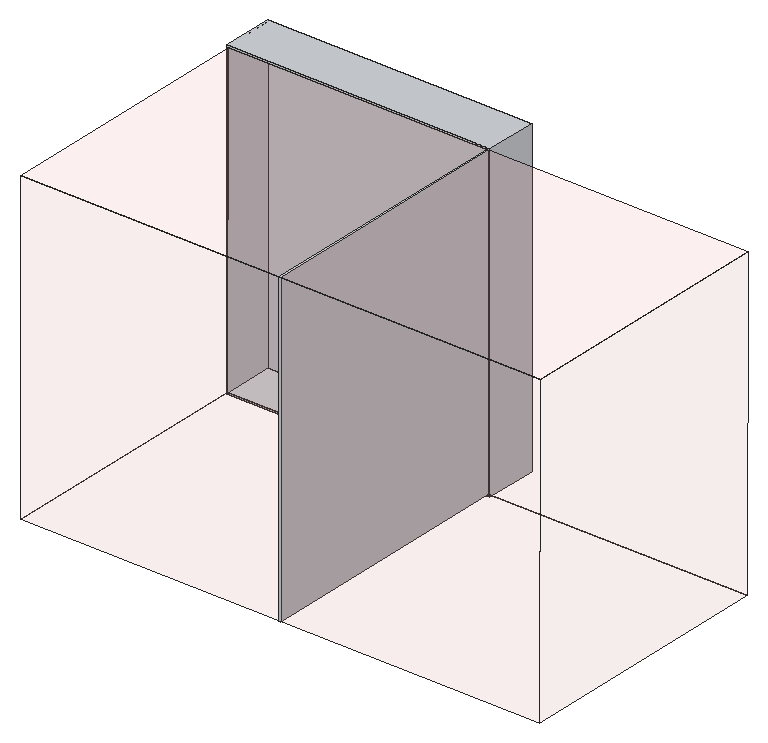
Revit family "Hager-Type B SP&N Distribution Boards-Surface_mounted-IP2XC-With_Cover-Without_DIN-NoHosted-IE-en", category Electrical Equipment, Revit 2023
Family settings
  Panel Configuration = Two Columns, Circuits Across
  Round Connector Dimension = Use Diameter
  Part Type = Panelboard
  Work Plane-Based = Yes
  Always vertical = Yes
  Cut with Voids When Loaded = No
  Maintain Annotation Orientation = No
  Shared = No
  Room Calculation Point = No
Parameters (values of type "Type B SP&N Distribution Boards-Surface_mounted_W465_H550_D91_0_Modular_Spacing-JK106BSH")
  Width Control [instance] = if([HG000006-Flush mounted], if([EF000846 - Built-in width] > min_whd, [EF000846 - Built-in width], min_whd), if([EF000008 - Width] > min_whd, ([EF000008 - Width]), min_whd))  # 465 mm
  Void Depth [instance] = if([EF000218 - Built-in depth] > 1 mm, [EF000218 - Built-in depth], 1 mm)  # 1 mm
  Uniformat code = "D501001"
  Uniformat = "Low Tension Service & Dist."
  Référence = ""
  HG000131 - Functional label [instance] = ""
  HG000130 - Functional name [instance] = ""
  HG000099-Onfly Template ID = "507532"
  HG000059-Operating voltage [instance] = 230 V
  ETIM class name = "Small distribution board"
  ETIM class code = "EC000214"
  EF015941 - Signal passing door = no
  EF015777 - Neutral terminal block = no
  EF015776 - Earthing terminal block = yes
  EF009212 - Cover model = ""
  EF006306 - With lock = no
  EF006244 - Transparent cover/door = no
  EF005474 - Degree of protection (IP) = "IP2XC"
  EF004462 - Type of closure = ""
  EF002950 - Width in number of modular spacings = 0
  EF001596 - Housing material = ""
  EF001134 - DIN-rail = no
  EF001131 - Inner depth = 0 mm
  EF001088 - Extension possible = no
  EF001062 - EMC-version = no
  EF000846 - Built-in width = 0 mm
  EF000339 - Type of covering = ""
  EF000332 - Built-in height = 0 mm
  EF000266 - Number of rows = 0
  EF000218 - Built-in depth = 0 mm
  EF000118 - With mounting plate = no
  EF000116 - RAL-number = 7035
  EF000049 - Depth = 91 mm
  EF000040 - Height = 550 mm
  EF000008 - Width = 465 mm
  EF000007 - Colour = ""
  EF000003 - Mounting method = "Surface mounted"
  EF004464 - Type of door = ""
  EF000024 - UV resistant = no
  Type Comments = ""
  System Height [instance] = Height Control - 2 * [HG000005-Thickness]  # 446 mm
  Reference description = ""
  Reference = "Type B SP&N Distribution Boards-Surface_mounted_W465_H550_D91_0_Modular_Spacing-JK106BSH"
  Panel Name [instance] = ""  # (empty or 0)
  Offset [instance] = 0 mm
  Object type = ""
  Name hager = "ADD_Enclosures_EC000214"
  Name BIM&CO = "Electricity"
  Name = "Type B SP&N Distribution Boards-Surface_mounted-IP2XC-With_Cover-Without_DIN-IE"
  Model = ""
  Level Offset [instance] = [Flush Mounted - Door Frame Width] + Offset  # 50 mm
  HGEF002950-Width in number of modular spacings = 0
  HGEF000266-Number of rows = 0
  HG000060-RAL-number = "7035"
  HG000017-Distance between poles = 18 mm
  HG000016-Door 3D visibility = yes
  HG000015-Clearance visibility = yes
  HG000014-Door on the right = yes
  HG000013-Door on the left = not([HG000014-Door on the right])  # no
  HG000012-Door swing angle = 90.00°
  HG000011-Empty rows from bottom = no
  HG000010-Asymmetric doors = no
  HG000009-Double swing door = no
  HG000008-Number of empty rows = 0
  HG000007-Number of empty columns = 0
  HG000006-Flush mounted = no
  HG000005-Thickness = 2 mm
  HG000004-Manufacturer reference = "JK106BSH"
  HG000003-Range = "Type B SP&N Distribution Boards"
  HG000002-With door or cover = yes
  HG000001-Number of columns = 0
  GTIN (Global Trade Item Number) = ""
  Description = ""
  Default Elevation = 1200 mm
  Creation Date = "12/17/2025 20:14:13"
  Code hager = "ADD-EC000214_EU"
  Code Uniformat = ""
  BIM&CO code = ""
  BC_VARIANT_ID = "1178594"
  BC_OBJECT_VERSION = "#1"  # constant formula
  BC_OBJECT_ID = "513823"  # constant formula
  BC_MODEL_ID = "1554202"  # constant formula
  BC_METADATA = "{\"ObjectGuid\":\"bc35c96e-cb38-443e-833d-0616858cb9ac\",\"ModelGuid\":\"8af03f69-2293-4735-a617-cc53adf55621\",\"VariantGuid\":\"8b6e323b-1b53-409a-a940-11b5a7fc5337\",\"Revision\":\"#4\",\"VariantName\":\"Template-Enclosure_EU-EC000214\"}"
  Arrow Offset [instance] = Depth Control / 8  # 18.75 mm
  Arrow Height [instance] = Depth Control - Arrow Offset  # 131.25 mm
  Host Offset [instance] = if([HG000006-Flush mounted], 0 mm, [EF000049 - Depth])  # 91 mm
  min_whd [instance] = (2 * [HG000005-Thickness]) + 1 mm  # 5 mm
  Manufacturer = "Hager"  # constant formula
  Height Control [instance] = if([HG000006-Flush mounted], if([EF000332 - Built-in height] > min_whd, [EF000332 - Built-in height], min_whd), if([EF000040 - Height] > min_whd, ([EF000040 - Height]), min_whd))  # 550 mm
  Flush Mounted - Door Frame Width [instance] = if(([EF000040 - Height] - [EF000332 - Built-in height]) > 0 mm, if([HG000006-Flush mounted], [EF000040 - Height] - [EF000332 - Built-in height], 0 mm), 0 mm)  # 0 mm
  Depth Control [instance] = if([HG000006-Flush mounted], if([EF000218 - Built-in depth] > 0 mm, [EF000218 - Built-in depth], 1 mm), if([EF000049 - Depth] > 0 mm, ([EF000049 - Depth]), 1 mm))  # 91 mm
Types (3, lengths in mm): name | EF015777 - Neutral terminal block | EF000040 - Height | Reference | HG000004-Manufacturer reference | BC_VARIANT_ID | Height Control
  Type B SP&N Distribution Boards-Surface_mounted_W465_H550_D91_0_Modular_Spacing-JK106BSH | no | 550 | "Type B SP&N Distribution Boards-Surface_mounted_W465_H550_D91_0_Modular_Spacing-JK106BSH" | "JK106BSH" | "1178594" | 550
  Type B SP&N Distribution Boards-Surface_mounted_W465_H625_D91_0_Modular_Spacing-JK108BSH | yes | 625 | "Type B SP&N Distribution Boards-Surface_mounted_W465_H625_D91_0_Modular_Spacing-JK108BSH" | "JK108BSH" | "1178596" | 625
  Type B SP&N Distribution Boards-Surface_mounted_W465_H850_D91_0_Modular_Spacing-JK112BSH | yes | 850 | "Type B SP&N Distribution Boards-Surface_mounted_W465_H850_D91_0_Modular_Spacing-JK112BSH" | "JK112BSH" | "1178599" | 850
Reference planes
  plane 1 "Center (Front/Back)": y = 0
  plane 2: z = 0
  plane 3 "Center (Left/Right)": x = 0
  plane 4: y = 2
  plane 5: y = 0
  plane 6: y = 0
  plane 7: z = 0
  plane 8: x = -232.5
  plane 9: x = 232.5
  plane 10: x = 230.5
  plane 11: x = -230.5
  plane 12: z = 50
  plane 13: z = 52
  plane 14: y = -86
  plane 15: y = -91
  plane 16: y = -2
  plane 17: z = 598
  plane 18: z = 600
  plane 19: z = 325
  plane 20: x = 0
  plane 21: y = -100
  plane 22 "Annotation H": y = -300
  plane 23 "Annotation V": x = 432.5
Forms (mm)
  Extrusion 1, solid
    sketch origin (-208.679, -4572, 50) x (-1, 0, 0) y (0, -1, 0)
      loop
        line (23.821, -4481) -> (-441.179, -4481) -> (-441.179, -4572) -> (23.821, -4572) -> (23.821, -4481)
    from 0 to 550 <- "Height Control"
  Extrusion 2, void
    sketch origin (-350.771, -91, 1219.2) x (1, 0, 0) y (0, 0, 1)
      loop
        line (120.271, -621.2) -> (120.271, -1167.2) -> (581.271, -1167.2) -> (581.271, -621.2) -> (120.271, -621.2)
    from 0 to -89
  Extrusion 3, solid, detail levels coarse+medium
    sketch origin (-350.771, -91, 1219.2) x (-1, 0, 0) y (0, 0, 1)
      loop
        line (-120.271, -621.2) -> (-581.271, -621.2) -> (-581.271, -1167.2) -> (-120.271, -1167.2) -> (-120.271, -621.2)
    from 0 to 2 <- "HG000005-Thickness"
Cuts and joins
  Extrusion 2 cuts Extrusion 1
Dimensions and locks
  "Flush Mounted - Door Frame Width": plane 1 "Center (Front/Back)" to plane 6
  "HG000005-Thickness": plane 4 to plane 6
  "HG000005-Thickness": plane 8 to plane 11
  "HG000005-Thickness": plane 9 to plane 10
  equal spacing: plane 8, plane 3 "Center (Left/Right)", plane 9
  "Width Control": plane 8 to plane 9
  locked: plane 14 to plane 15 at 5
  "Host Offset": plane 1 "Center (Front/Back)" to plane 15
  "Depth Control": plane 5 to plane 15
  "HG000005-Thickness": plane 5 to plane 16
  "HG000005-Thickness": plane 13 to plane 12
  "Level Offset": plane 12 to level
  "HG000005-Thickness": plane 18 to plane 17
  "Height Control": plane 18 to plane 12
  "Arrow Offset": plane 5 to nested 4
  equal spacing: plane 18, plane 19, plane 12
  locked: connector elem to plane 19
  locked: connector elem to plane 3 "Center (Left/Right)"
  Extrusion 2 sketch curve to Extrusion 2 sketch curve to plane 9 = 461 mm, 2 mm
  locked: plane 9 to plane 23 "Annotation V" at 200
  locked: plane 22 "Annotation H" to plane 1 "Center (Front/Back)" at 300
  aligned and locked: nested 1 to plane 14
  aligned and locked: plane 3 "Center (Left/Right)" to nested 1
  aligned and locked: plane 3 "Center (Left/Right)" to nested 2
  aligned and locked: nested 2 to plane 15
  aligned and locked: plane 5 to Extrusion 1
  aligned and locked: Extrusion 3 sketch curve to plane 17
  aligned and locked: Extrusion 3 sketch curve to plane 11
  aligned and locked: Extrusion 3 sketch curve to plane 13
  aligned and locked: Extrusion 3 sketch curve to plane 10
  aligned and locked: Extrusion 2 sketch curve to plane 13
  aligned and locked: Extrusion 2 sketch curve to plane 17
  aligned and locked: plane 16 to Extrusion 2
  aligned and locked: plane 5 to Extrusion 1 sketch curve
  aligned and locked: plane 9 to Extrusion 1 sketch curve
  aligned and locked: plane 8 to Extrusion 1 sketch curve
  aligned and locked: plane 8 to nested 4
  aligned and locked: plane 8 to nested 3
  aligned and locked: nested 3 to plane 5
  aligned and locked: Extrusion 1 sketch curve to plane 15
  aligned and locked: Extrusion 2 to plane 15
  aligned and locked: nested 5 to plane 22 "Annotation H"
  aligned and locked: plane 23 "Annotation V" to nested 5
  aligned and locked: plane 11 to Extrusion 2
  aligned and locked: plane 10 to Extrusion 2
Nested families
  nested 1: "Hager_Enclosure_System" at (0, -86, 52), Flush_Mounted <- "HG000006-Flush mounted", Height <- "System Height", Width_Control <- "Width Control", Row_Module_Multiplicator <- "HGEF002950-Width in number of modular spacings", Empty_Columns <- "HG000007-Number of empty columns", Border <- "HG000005-Thickness", Total_No_Empty_Rows <- "HG000008-Number of empty rows", Depth <- "HG000005-Thickness", Empty_Rows_From_Bottom <- "HG000011-Empty rows from bottom", Distance_Between_Poles <- "HG000017-Distance between poles", Rows_Count <- "HGEF000266-Number of rows", Columns_Count <- "HG000001-Number of columns", Built-in_Width <- "EF000846 - Built-in width", Width <- "EF000008 - Width", type "Hager_Enclosure_System", detail levels medium+fine
    with Width_Control 465 mm, Width 465 mm, Total_No_Rows 0, Total_No_Empty_Rows 0, Total_No_Columns 1, System_Width 461 mm, Rows_Count 0, Rows_Column 0, Row_Module_Multiplicator 0, Panel_4 no, Panel_3 no, Panel_2 no, Panel_1 no, No_Panels_Ctrl 1, Hide_Columns yes, Height 446 mm, Flush_Mounted no, Empty_Rows_From_Bottom no, Empty_Rows_Column 0, Empty_Columns 0, Empty column 4 0, Empty column 3 0, Empty column 2 0, Empty column 1 0, Distance_Between_Poles 18 mm, Depth 2 mm, Columns_Count 0, Column_Width 461 mm, Built-in_Width 0 mm, Border 2 mm
  nested 2: "Hager_Enclosure_Door" at (0, -91, 50), Double <- "HG000009-Double swing door", Height_Ctrl <- "Height Control", Angle <- "HG000012-Door swing angle", Door_Right <- "HG000014-Door on the right", Assymetrical <- "HG000010-Asymmetric doors", Flush_Mounted <- "HG000006-Flush mounted", Door <- "HG000002-With door or cover", Width_Ctrl <- "Width Control", 3d_Door <- "HG000016-Door 3D visibility", Border <- "HG000005-Thickness", Clearance <- "HG000015-Clearance visibility", Door_Left <- "HG000013-Door on the left", BuiltIn_Depth <- "EF000218 - Built-in depth", Depth <- "EF000049 - Depth", BuiltIn_Width <- "EF000846 - Built-in width", Height <- "EF000040 - Height", BuiltIn_Height <- "EF000332 - Built-in height", Width <- "EF000008 - Width", Transparent <- "EF006244 - Transparent cover/door", type "Hager_Enclosure_Door", detail levels medium+fine
    with min_wh 5 mm, Width_Ctrl 465 mm, Width 465 mm, Transparent_Door_No_Bottom_Border no, Transparent no, Leaf_Width 458 mm, Leaf_Tolerance 1.5 mm, Leaf_Height 543 mm, Leaf_2_Width 458 mm, Leaf_2_Offset 229 mm, Leaf_1_Width 458 mm, Leaf_1_Offset 229 mm, Height_Ctrl 550 mm, Height 550 mm, Frame_Width_Ctrl 465 mm, Frame_Width 465 mm, Frame_Internal_Offset 0 mm, Frame_Height_Ctrl 550 mm, Frame_Height 550 mm, Frame_Depth_Ctrl 1 mm, Frame_Depth 0 mm, Flush_Mounted no, Double_Clearance_Ctrl no, Double no, Door_Right_Ctrl yes, Door_Right yes, Door_Left_Ctrl no, Door_Left no, Door yes, Depth 91 mm, Clearance_Depth 458 mm, Clearance_Ctrl yes, Clearance yes, BuiltIn_Width 0 mm, BuiltIn_Height 0 mm, BuiltIn_Depth 0 mm, Border 2 mm, Assymetrical no, Angle 90.00°, 3d_Door yes
  nested 3: "Hager_Enclosure_Symbol_Triangle" at (-232.5, 0, 0), Depth <- "Depth Control", Width <- "Width Control", type "Hager_Enclosure_Symbol_Triangle"
    with Width_Ctrl 465 mm, Width 465 mm, Depth_Ctrl 91 mm, Depth 91 mm
  nested 4: "Hager_Enclosure_Symbol_Arrow" at (-232.5, -18.75, 0), Height <- "Arrow Height", type "Hager_Enclosure_Symbol_Arrow"
    with Width_Inside 9.844 mm, Width 118.125 mm, Height_Ctrl 131.25 mm, Height 131.25 mm
  nested 5: "Hager_Annotation-HG000130" at (432.5, -300, 0), HG000130 - Functional name <- "HG000130 - Functional name", type "Hager_Annotation-HG000130"
    with HG000130 - Functional name ""
Connectors
  electrical at (0, 0, 325), driven by "HG000059-Operating voltage"
    settings: on plane 5, index 1, voltage 230 V, apparent load 0 VA, apparent load phase1 0 VA, apparent load phase2 0 VA, apparent load phase3 0 VA, power factor 1, load classification "Other", number of poles 1, system type 30, power factor state 1, is connector primary yes, connector utility no, sub classification motor no, connector description ""
Definition of nested family "Hager_Enclosure_Door"
  Parameters (values of type "Hager_Enclosure_Door")
    min_wh [instance] = (2 * Border) + 1 mm  # 11 mm
    Width_Ctrl [instance] = 400 mm
    Width [instance] = 500 mm
    Transparent_Door_No_Bottom_Border [instance] = no
    Transparent [instance] = yes
    Leaf_Width [instance] = if((Width_Ctrl - 2 * Border - 2 * Leaf_Tolerance) > 0 mm, (Width_Ctrl - 2 * Border - 2 * Leaf_Tolerance), min_wh)  # 387 mm
    Leaf_Tolerance [instance] = 1.5 mm  # constant formula
    Leaf_Height [instance] = if((Height_Ctrl - 2 * Border - 2 * Leaf_Tolerance) > 0 mm, (Height_Ctrl - 2 * Border - 2 * Leaf_Tolerance), min_wh)  # 387 mm
    Leaf_2_Width [instance] = if(and(and(Double, Assymetrical), Door_Left), (Leaf_Width / 3) - (Leaf_Tolerance / 2), if(and(and(Double, Assymetrical), Door_Right), (Leaf_Width / 3) * 2 - (Leaf_Tolerance / 2), if(and(Double, not(Assymetrical)), (Leaf_Width / 2) - Leaf_Tolerance, Leaf_Width)))  # 387 mm
    Leaf_2_Offset [instance] = if(and(Double, Assymetrical), Leaf_2_Width / 2, if(and(Double, not(Assymetrical)), Leaf_Width / 4, Leaf_Width / 2))  # 193.5 mm
    Leaf_1_Width [instance] = if(and(and(Double, Assymetrical), Door_Right), (Leaf_Width / 3) - (Leaf_Tolerance / 2), if(and(and(Double, Assymetrical), Door_Left), (Width / 3) * 2 - (Leaf_Tolerance / 2), if(and(Double, not(Assymetrical)), (Leaf_Width / 2) - Leaf_Tolerance, Leaf_Width)))  # 387 mm
    Leaf_1_Offset [instance] = if(and(Double, Assymetrical), Leaf_1_Width / 2, if(and(Double, not(Assymetrical)), Leaf_Width / 4, Leaf_Width / 2))  # 193.5 mm
    Height_Ctrl [instance] = 400 mm
    Height [instance] = 500 mm
    Frame_Width_Ctrl [instance] = if(Frame_Width > 0 mm, Frame_Width, 1 mm)  # 1 mm
    Frame_Width [instance] = Width - BuiltIn_Width  # 0 mm
    Frame_Internal_Offset [instance] = if(Flush_Mounted, Border, 0 mm)  # 5 mm
    Frame_Height_Ctrl [instance] = if(Frame_Height > 0 mm, Frame_Height, 1 mm)  # 1 mm
    Frame_Height [instance] = Height - BuiltIn_Height  # 0 mm
    Frame_Depth_Ctrl [instance] = if(Frame_Depth > 0 mm, Frame_Depth, 1 mm)  # 1 mm
    Frame_Depth [instance] = if(Depth - BuiltIn_Depth > 0 mm, if(Flush_Mounted, Depth - BuiltIn_Depth, 0 mm), 0 mm)  # 0 mm
    Flush_Mounted [instance] = yes
    Double_Clearance_Ctrl [instance] = and(Double, Clearance)  # no
    Double [instance] = no
    Door_Right_Ctrl [instance] = and(or(Door_Right, Double), Door)  # yes
    Door_Right [instance] = yes
    Door_Left_Ctrl [instance] = and(or(Door_Left, Double), Door)  # no
    Door_Left [instance] = no
    Door [instance] = yes
    Depth [instance] = 500 mm
    Default Elevation = 1219.2 mm
    Clearance_Material = none
    Clearance_Depth [instance] = if(Leaf_1_Width > Leaf_2_Width, Leaf_1_Width, Leaf_2_Width)  # 387 mm
    Clearance_Ctrl [instance] = and(not(Double), Clearance)  # yes
    Clearance [instance] = yes
    BuiltIn_Width [instance] = 500 mm
    BuiltIn_Height [instance] = 500 mm
    BuiltIn_Depth [instance] = 500 mm
    Border [instance] = 5 mm
    Assymetrical [instance] = yes
    Angle [instance] = 30.00°
    3d_Door [instance] = yes
  Reference planes
    plane 1 "Center (Front/Back)": y = 0
    plane 2 "Bottom": z = 0
    plane 3 "Center (Left/Right)": x = 0
    plane 4: z = 400
    plane 5: x = -200
    plane 6: x = 200
    plane 7: z = 395
    plane 8: x = -195
    plane 9: z = 5
    plane 10: x = 195
    plane 11: y = 0
    plane 12: z = 6.5
    plane 13: x = -582
    plane 14: y = -387
    plane 15: x = 582
    plane 16: x = 0
    plane 17: x = 0
    plane 18: x = -193.5
    plane 19: x = 193.5
    plane 20: z = 393.5
  Forms (mm)
    Extrusion 1, solid, visible <- "Flush_Mounted"
      sketch origin (0, 0, 0) x (1, 0, 0) y (0, 0, 1)
        loop
          line (195, 5) -> (195, 395) -> (-195, 395) -> (-195, 5) -> (195, 5)
        loop
          line (-201, 401) -> (-201, -1) -> (201, -1) -> (201, 401) -> (-201, 401)
      from 0 to 1 <- "Frame_Depth_Ctrl"
    Extrusion 2, solid, material <- "Clearance_Material", visible <- "Double_Clearance_Ctrl"
      sketch origin (1200, 0, 0) x (1, 0, 0) y (0, 0, -1)
        loop
          line (-1782, -393.5) -> (-618, -393.5) -> (-618, 0) -> (-1782, 0) -> (-1782, -393.5)
      from 0 to -387
  Dimensions and locks
    equal spacing: plane 5, plane 3 "Center (Left/Right)", plane 6
    "Width_Ctrl": plane 5 to plane 6
    "Border": plane 5 to plane 8
    "Border": plane 6 to plane 10
    "Border": plane 9 to level
    "Border": plane 4 to plane 7
    "Height_Ctrl": plane 4 to level
    "Leaf_Tolerance": plane 12 to plane 9
    "Frame_Depth": plane 11 to plane 1 "Center (Front/Back)"
    "Frame_Width_Ctrl": plane 5 to Extrusion 1 sketch curve
    "Frame_Width_Ctrl": plane 6 to Extrusion 1 sketch curve
    "Frame_Width_Ctrl": Extrusion 1 sketch curve to plane 4
    "Frame_Width_Ctrl": plane 2 "Bottom" to Extrusion 1 sketch curve
    "Leaf_1_Offset": plane 18 to plane 16
    "Leaf_2_Offset": plane 17 to plane 19
    "Leaf_1_Width": plane 13 to plane 8
    "Leaf_2_Width": plane 10 to plane 15
    "Clearance_Depth": plane 14 to plane 1 "Center (Front/Back)"
    "Leaf_Tolerance": plane 8 to plane 18
    "Leaf_Tolerance": plane 19 to plane 10
    "Leaf_Tolerance": plane 7 to plane 20
    "Frame_Internal_Offset": plane 5 to Extrusion 1 sketch curve
    "Frame_Internal_Offset": Extrusion 1 sketch curve to plane 2 "Bottom"
    "Frame_Internal_Offset": plane 6 to Extrusion 1 sketch curve
    "Frame_Internal_Offset": plane 4 to Extrusion 1 sketch curve
    aligned and locked: level to plane 2 "Bottom"
    aligned and locked: nested 1 to plane 16
    aligned and locked: nested 2 to plane 17
    aligned and locked: Extrusion 2 to plane 13
    aligned and locked: plane 15 to Extrusion 2
    aligned and locked: Extrusion 2 to plane 14
    aligned and locked: plane 12 to nested 1
    aligned and locked: nested 2 to plane 12
    aligned and locked: Extrusion 2 to plane 11
    aligned and locked: plane 20 to Extrusion 2
    aligned and locked: nested 2 to plane 11
    aligned and locked: nested 1 to plane 11
  Automatic sketch dimensions
    Extrusion 2 sketch curve to level = 0 mm
    plane 5 to Extrusion 2 sketch curve = 382 mm
    plane 6 to Extrusion 2 sketch curve = 382 mm
    Extrusion 2 sketch curve to plane 4 = 6.5 mm
  Nested families
    nested 1: "Hager_Enclosure_Door_Leaf" at (0, 0, 6.5), Width <- "Leaf_1_Width", visible <- "Door_Left_Ctrl", Leaf_Height <- "Leaf_Height", Angle <- "Angle", Depth <- "Border", 3d_Door <- "3d_Door", Transparent <- "Transparent", Clearance Material <- "Clearance_Material", Clearance <- "Clearance_Ctrl", Transparent_Door_No_Bottom_Border <- "Transparent_Door_No_Bottom_Border", type "Hager_Enclosure_Door_Leaf"
      with Width 387 mm, Transparent_Door_No_Bottom_Border no, Transparent_Door_Border_Bottom_Top 25 mm, Transparent_Door_Border 25 mm, Transparent_Ctrl yes, Transparent yes, Standard no, Leaf_Height 387 mm, Glass_Offset 1 mm, Depth 5 mm, Clearance Material none, Clearance yes, Angle_Ctrl 30.00°, Angle 30.00°, 3d_Door yes
    nested 2: "Hager_Enclosure_Door_Leaf" at (0, 0, 6.5) x (-1, 0, 0) z (0, 0, 1), Width <- "Leaf_2_Width", visible <- "Door_Right_Ctrl", Leaf_Height <- "Leaf_Height", Angle <- "Angle", Depth <- "Border", 3d_Door <- "3d_Door", Transparent <- "Transparent", Clearance Material <- "Clearance_Material", Clearance <- "Clearance_Ctrl", Transparent_Door_No_Bottom_Border <- "Transparent_Door_No_Bottom_Border", type "Hager_Enclosure_Door_Leaf"
      with Width 387 mm, Transparent_Door_No_Bottom_Border no, Transparent_Door_Border_Bottom_Top 25 mm, Transparent_Door_Border 25 mm, Transparent_Ctrl yes, Transparent yes, Standard no, Leaf_Height 387 mm, Glass_Offset 1 mm, Depth 5 mm, Clearance Material none, Clearance yes, Angle_Ctrl 30.00°, Angle 30.00°, 3d_Door yes
  Definition of nested family "Hager_Enclosure_Door_Leaf"
    Parameters (values of type "Hager_Enclosure_Door_Leaf")
      Width [instance] = 2000 mm
      Transparent_Door_No_Bottom_Border [instance] = yes
      Transparent_Door_Border_Bottom_Top [instance] = if(Transparent_Door_No_Bottom_Border, 0.1 mm, Transparent_Door_Border)  # 0.1 mm
      Transparent_Door_Border [instance] = if(Transparent_Door_No_Bottom_Border, (Width * 0.12), 25 mm)  # 240 mm
      Transparent_Ctrl [instance] = and(Transparent, [3d_Door])  # yes
      Transparent [instance] = yes
      Standard [instance] = and(not(Transparent), [3d_Door])  # no
      Leaf_Height [instance] = 2720.336 mm
      Glass_Offset [instance] = if((Depth - 10 mm) / 2 > 0 mm, (Depth - 10 mm) / 2, 1 mm)  # 15 mm
      Glass_Material = none
      Depth [instance] = 40 mm
      Default Elevation = 0 mm
      Clearance Material [instance] = none
      Clearance [instance] = yes
      Angle_Ctrl [instance] = if(Angle > 170.00°, 170.00°, Angle)  # 45.00°
      Angle [instance] = 45.00°
      3d_Door [instance] = yes
    Reference planes
      plane 1 "Center (Front/Back)": y = 0
      plane 2: z = 0
      plane 3 "Center (Left/Right)": x = 0
      plane 4: y = 2000
      plane 5: x = -1000
      plane 6: x = 1000
      plane 7: x = -3000
      plane 8: z = 2720.336
      plane 9: z = 0.1
      plane 10: z = 2720.236
      plane 11: x = 760
      plane 12: x = -760
    Forms (mm)
      Extrusion 1, solid, material <- "Clearance Material", visible <- "Clearance"
        sketch origin (0, 0, 0) x (1, 0, 0) y (0, 0, 1)
          loop
            line (-3000, 2720.336) -> (-3000, 0) -> (1000, 0) -> (1000, 2720.336) -> (-3000, 2720.336)
        from 0 to -2000
      Extrusion 2, solid, visible <- "Standard", detail levels medium+fine
        sketch origin (-1000, 0, 0) x (0.707107, 0.707107, 0) y (-0.707107, 0.707107, 0)
          loop
            line (0, -40) -> (2000, -40) -> (2000, 0) -> (0, 0) -> (0, -40)
        from 0 to 2720.336 <- "Leaf_Height"
      Extrusion 3, solid, visible <- "Transparent_Ctrl", detail levels medium+fine
        sketch origin (-1000, 0, 0) x (0.707107, 0.707107, 0) y (-0.707107, 0.707107, 0)
          loop
            line (0, -40) -> (2000, -40) -> (2000, 0) -> (0, 0) -> (0, -40)
        from 0 to 2720.336 <- "Leaf_Height"
      Extrusion 4, void, detail levels medium+fine
        sketch origin (-1000, 0, 0) x (-0.707107, 0.707107, 0) y (0.707107, 0.707107, 0)
          loop
            line (0, 240) -> (0, 1760) -> (-40, 1760) -> (-40, 240) -> (0, 240)
        from -2720.236 to -0.1
      Extrusion 5, solid, material <- "Glass_Material", visible <- "Transparent_Ctrl", detail levels medium+fine
        sketch origin (-1000, 0, 0) x (0.707107, 0.707107, 0) y (-0.707107, 0.707107, 0)
          loop
            line (240, -15) -> (240, -25) -> (1760, -25) -> (1760, -15) -> (240, -15)
        from 0.1 to 2720.236
    Cuts and joins
      Extrusion 4 cuts Extrusion 3
    Lines and regions (mm)
      symbolic lines
        curve 1: line (1000, 0, 0) -> (-3000, 0, 0)
        curve 2: arc (1000, 0, 0) -> (-1000, 2000, 0) -> (-3000, 0, 0) r 2000
        curve 4: line (-1000, 0, 0) -> (414.214, 1414.214, 0)
      reference lines
        curve 3: line (-1000, 0, 0) -> (414.214, 1414.214, 0)
      symbolic lines, detail levels medium+fine
        curve 5: line (414.214, 1414.214, 0) -> (442.498, 1385.929, 0)
        curve 6: line (442.498, 1385.929, 0) -> (-971.716, -28.284, 0)
        curve 7: line (-971.716, -28.284, 0) -> (-1000, 0, 0)
        curve 8: line (-1000, 0, 2720.336) -> (1000, 0, 2720.336)
        curve 9: line (-1000, 0, 0) -> (-1000, 0, 2720.336)
        curve 10: line (1000, 0, 0) -> (-1000, 0, 0)
        curve 11: line (1000, 0, 2720.336) -> (1000, 0, 0)
      symbolic lines, visible <- "Transparent_Ctrl", detail levels medium+fine
        curve 12: line (-760, 0, 2720.236) -> (760, 0, 2720.236)
        curve 13: line (-760, 0, 0.1) -> (-760, 0, 2720.236)
        curve 14: line (760, 0, 0.1) -> (-760, 0, 0.1)
        curve 15: line (760, 0, 2720.236) -> (760, 0, 0.1)
    Dimensions and locks
      "Width": plane 1 "Center (Front/Back)" to plane 4
      equal spacing: plane 5, plane 3 "Center (Left/Right)", plane 6
      "Width": plane 5 to plane 6
      "Width": plane 7 to plane 5
      "Leaf_Height": plane 8 to level
      "Depth": curve 6 to curve 3
      "Width": curve 5 to curve 3
      "Width": curve 3 to curve 3
      "Transparent_Door_Border": Extrusion 4 sketch curve to curve 7
      "Transparent_Door_Border": Extrusion 4 sketch curve to curve 5
      "Transparent_Door_Border_Bottom_Top": plane 8 to plane 10
      "Transparent_Door_Border_Bottom_Top": plane 9 to level
      "Glass_Offset": Extrusion 5 sketch curve to curve 4
      "Glass_Offset": Extrusion 5 sketch curve to curve 6
      "Transparent_Door_Border": Extrusion 5 sketch curve to curve 5
      "Transparent_Door_Border": Extrusion 5 sketch curve to curve 7
      "Transparent_Door_Border": plane 12 to plane 5
      "Transparent_Door_Border": plane 6 to plane 11
      "Angle_Ctrl": angle plane 1 "Center (Front/Back)" to curve 3
      aligned and locked: level to plane 2
      aligned and locked: Extrusion 1 to curve 1
      aligned and locked: plane 6 to Extrusion 1
      aligned and locked: Extrusion 1 to plane 1 "Center (Front/Back)"
      aligned and locked: plane 4 to Extrusion 1
      aligned and locked: plane 8 to Extrusion 1
      aligned and locked: curve 4 to curve 3
      aligned and locked: Extrusion 2 sketch curve to curve 7
      aligned and locked: Extrusion 2 sketch curve to curve 6
      aligned and locked: Extrusion 2 sketch curve to curve 5
      aligned and locked: Extrusion 2 sketch curve to curve 3
      aligned and locked: curve 7 to Extrusion 3 sketch curve
      aligned and locked: Extrusion 3 sketch curve to curve 4
      aligned and locked: Extrusion 3 sketch curve to curve 6
      aligned and locked: Extrusion 3 sketch curve to curve 5
      aligned and locked: curve 4 to Extrusion 4 sketch curve
      aligned and locked: curve 6 to Extrusion 4 sketch curve
      aligned and locked: Extrusion 4 to plane 9
      aligned and locked: Extrusion 4 to plane 10
      aligned and locked: Extrusion 5 to plane 9
      aligned and locked: Extrusion 5 to plane 10
      aligned and locked: curve 8 to plane 8
      aligned and locked: plane 5 to curve 9
      aligned and locked: plane 2 to curve 10
      aligned and locked: curve 11 to plane 6
      aligned and locked: plane 10 to curve 12
      aligned and locked: plane 12 to curve 13
      aligned and locked: curve 14 to plane 9
      aligned and locked: plane 11 to curve 15
    Automatic sketch dimensions
      plane 1 "Center (Front/Back)" to curve 2 = 0 mm
      curve 2 to plane 5 = 0 mm
      Extrusion 1 sketch curve to level = 0 mm
      Extrusion 1 sketch curve to plane 7 = 0 mm
      Extrusion 1 sketch curve to plane 6 = 0 mm
      Extrusion 1 sketch curve to plane 8 = 0 mm
      plane 1 "Center (Front/Back)" to curve 3 = 0 mm
      curve 3 to plane 5 = 0 mm
      curve 7 to curve 3 = 0 mm
Definition of nested family "Hager_Enclosure_Symbol_Triangle"
  Parameters (values of type "Hager_Enclosure_Symbol_Triangle")
    Width_Ctrl [instance] = if(Width > 1 mm, Width, 1 mm)  # 498 mm
    Width [instance] = 498 mm
    Depth_Ctrl [instance] = if(Depth > 1 mm, Depth, 1 mm)  # 72 mm
    Depth [instance] = 72 mm
  Reference planes
    plane 1 "Centre (avant/arrière)": y = 0
    plane 2: z = 0
    plane 3 "Centre (gauche/droite)": x = 0
  Lines and regions (mm)
    Filled region 1, type "Solid_Black", in view "Niveau de réf."
      outline origin (0, 0, 0) x (1, 0, 0) y (0, 1, 0)
        loop
          line (0, 0) -> (498, 0) -> (498, 72) -> (0, 0)
    reference lines, in view "Niveau de réf."
      curve 1: line (-206.153, 72, 0) -> (1083.258, 72, 0)
      curve 2: line (498, 405.456, 0) -> (498, -517.619, 0)
  Dimensions and locks
    "Depth_Ctrl": plane 1 "Centre (avant/arrière)" to curve 1
    "Width_Ctrl": plane 3 "Centre (gauche/droite)" to curve 2
    aligned and locked: curve 1 to Filled region 1 sketch curve
    aligned and locked: Filled region 1 sketch curve to plane 1 "Centre (avant/arrière)"
    aligned and locked: curve 2 to Filled region 1 sketch curve
    aligned and locked: plane 3 "Centre (gauche/droite)" to Filled region 1 sketch curve
    aligned and locked: plane 1 "Centre (avant/arrière)" to Filled region 1 sketch curve
  Automatic sketch dimensions
    curve 1 to plane 3 "Centre (gauche/droite)" = 206.153 mm
    curve 2 to curve 1 = 585.258 mm
    plane 1 "Centre (avant/arrière)" to curve 2 = 517.619 mm
    curve 2 to plane 1 "Centre (avant/arrière)" = 405.456 mm
Definition of nested family "Hager_Enclosure_Symbol_Arrow"
  Parameters (values of type "Hager_Enclosure_Symbol_Arrow")
    Width_Inside [instance] = if(Width / 12 > 2 mm, Width / 12, 2 mm)  # 4.987 mm
    Width [instance] = if(Height_Ctrl * 0.9 > 2 mm, Height_Ctrl * 0.9, 2 mm)  # 59.85 mm
    Height_Ctrl [instance] = if(Height > 2 mm, Height, 2 mm)  # 66.5 mm
    Height [instance] = 66.5 mm
  Reference planes
    plane 1 "Centre (avant/arrière)": y = 0
    plane 2: z = 0
    plane 3 "Centre (gauche/droite)": x = 0
    plane 4: x = 59.85
    plane 5: y = 28.263
    plane 6: y = 38.238
    plane 7: y = 66.5
    plane 8: x = 29.925
    plane 9: y = 33.25
  Lines and regions (mm)
    Filled region 1, type "Solid_Black", in view "Niveau de réf."
      outline origin (0, 0, 0) x (1, 0, 0) y (0, 1, 0)
        loop
          line (59.85, 66.5) -> (37.929, 52.827) -> (51.846, 41.935) -> (59.85, 66.5)
    detail lines, in view "Niveau de réf."
      curve 1: line (0, 0, 0) -> (29.925, 38.238, 0)
      curve 2: line (29.925, 38.238, 0) -> (29.925, 28.263, 0)
      curve 3: line (29.925, 28.263, 0) -> (59.85, 66.5, 0)
  Dimensions and locks
    "Width": plane 3 "Centre (gauche/droite)" to plane 4
    "Height_Ctrl": plane 7 to plane 1 "Centre (avant/arrière)"
    equal spacing: plane 3 "Centre (gauche/droite)", plane 8, plane 4
    equal spacing: plane 7, plane 9, plane 1 "Centre (avant/arrière)"
    equal spacing: plane 6, plane 9, plane 5
    "Width_Inside": plane 6 to plane 9
    equal spacing: curve 3, Filled region 1 sketch curve, Filled region 1 sketch curve
    angle Filled region 1 sketch curve to curve 3 = 20.00°
    angle curve 3 to Filled region 1 sketch curve = 20.00°
    locked: curve 3 to Filled region 1 sketch curve (angle 90.00°)
  Automatic sketch dimensions
    plane 1 "Centre (avant/arrière)" to curve 1 = 0 mm
    curve 1 to plane 3 "Centre (gauche/droite)" = 0 mm
    curve 2 to plane 6 = 0 mm
    curve 3 to plane 8 = 0 mm
    curve 3 to plane 4 = 0 mm
    curve 2 to plane 5 = 0 mm
    curve 3 to plane 7 = 0 mm
    Filled region 1 sketch curve to plane 4 = 0 mm
    Filled region 1 sketch curve to plane 7 = 0 mm
Definition of nested family "Hager_Annotation-HG000130"
  Parameters (values of type "Hager_Annotation-HG000130")
    HG000130 - Functional name [instance] = ""
  Reference planes
    plane 1: y = 0
    plane 2: x = 0
  Lines and regions (mm)
    detail lines
      curve 1: line (-27.5, 10, 0) -> (27.5, 10, 0)
      curve 2: line (-27.5, -10, 0) -> (-27.5, 10, 0)
      curve 3: line (27.5, -10, 0) -> (-27.5, -10, 0)
      curve 4: line (27.5, 10, 0) -> (27.5, -10, 0)
  Text (mm)
    label "HG000130 - Functional name" at (0.16, 0.026, 0), shows "HG000130 - Functional name"
